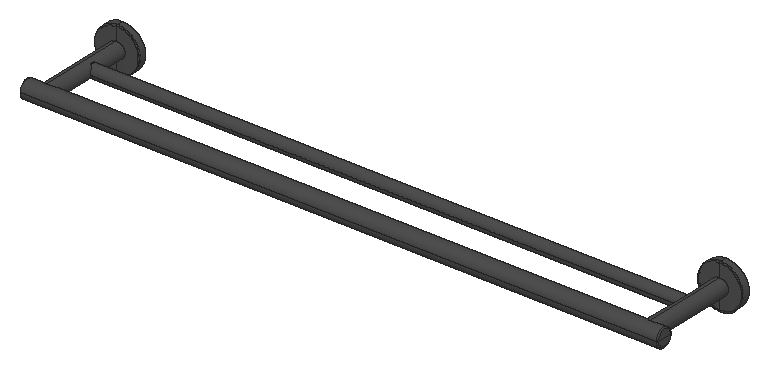
Revit family "Reece_Accessory_Roca_Ona_Double Towel Rail", category Plumbing Fixtures, Revit 2018
Family settings
  Round Connector Dimension = Use Diameter
  Part Type = Normal
  Work Plane-Based = Yes
  Always vertical = Yes
  Cut with Voids When Loaded = Yes
  Shared = Yes
  Room Calculation Point = Yes
Parameters (values of type "744mm_Matte Black")
  URL = "https://www.reece.com.au/product/-15078"
  Type Comments = "Accessory"
  Reece_Rail_Width = Reece_Fixing_Distance + 42.0 mm  # 786.0 mm
  Reece_Product_Web Page = "https://www.reece.com.au/product/-15078"
  Reece_Product_Type = "Accessory"  # constant formula
  Reece_Product_Sub Brand = "Ona"  # constant formula
  Reece_Product_Number = "15078"
  Reece_Product_Mount = "Wall Mounted"  # constant formula
  Reece_Product_Description = "Roca Ona Double Towel Rail 800mm Matte Black"
  Reece_Product_Brand = "Roca"  # constant formula
  Reece_Overall_Width = Reece_Fixing_Distance + 55.0 mm  # 799.0 mm
  Reece_Overall_Projection = 132.5 mm  # constant formula
  Reece_Overall_Height [instance] = 55.0 mm  # constant formula
  Reece_Material_Main = Reece_Brass_Matte Black
  Reece_Height_From_Level [instance] = 1000.0 mm
  Reece_Fixing_Limit [instance] = if(Reece_Height_From_Level < 28.0 mm, 28.0 mm, if(Reece_Height_From_Level > 28.0 mm, Reece_Height_From_Level, Reece_Height_From_Level))  # 1000.0 mm
  Reece_Fixing_Distance = 744.0 mm
  Reece_Detail_Shape = ""
  Reece_Detail_Installation = ""
  Reece_Detail_Disclaimer = "THIS FILE IS THE PROPERTY OF THE REECE GROUP. IT MAY NOT BE REPRODUCED, REVERSE-ENGINEERED, OR MODIFIED. ANY REPUBLICATION, TRANSMISSION, OR DISTRIBUTION FOR THE PURPOSE OF COMMERCIALLY EXPLOITING THE FILES IS PROHIBITED."  # constant formula
  Reece_Detail_Additional = "Double Towel Rail"  # constant formula
  Model = "Ona"
  Manufacturer = "Roca"
  Keynote = "Product #15078, Reece_Accessory_Roca_Ona_Double Towel Rail - 744mm_Matte Black"
  Disclaimer = "THIS FILE IS THE PROPERTY OF THE REECE GROUP. IT MAY NOT BE REPRODUCED, REVERSE-ENGINEERED, OR MODIFIED. ANY REPUBLICATION, TRANSMISSION, OR DISTRIBUTION FOR THE PURPOSE OF COMMERCIALLY EXPLOITING THE FILES IS PROHIBITED."  # constant formula
  Description = "Roca Ona Double Towel Rail 800mm Matte Black"
  Default Elevation = 0.0 mm
Types (6, lengths in mm): name | URL | Reece_Product_Web Page | Reece_Product_Number | Reece_Product_Description | Reece_Material_Main | Keynote | Description
  (no name) | "https://www.reece.com.au/product/-15077" | "https://www.reece.com.au/product/-15077" | "15077" | "Roca Ona Double Towel Rail 800mm Chrome" | Reece_Brass_Chrome | "Product #15077, Reece_Accessory_Roca_Ona_Double Towel Rail -  " | "Roca Ona Double Towel Rail 800mm Chrome"
  744mm_Matte White | "https://www.reece.com.au/product/-15079" | "https://www.reece.com.au/product/-15079" | "15079" | "Roca Ona Double Towel Rail 800mm Matte White" | Reece_Brass_Brushed Matte White | "Product #15079, Reece_Accessory_Roca_Ona_Double Towel Rail - 744mm_Matte White" | "Roca Ona Double Towel Rail 800mm Matte White"
  744mm_Matte Black | "https://www.reece.com.au/product/-15078" | "https://www.reece.com.au/product/-15078" | "15078" | "Roca Ona Double Towel Rail 800mm Matte Black" | Reece_Brass_Matte Black | "Product #15078, Reece_Accessory_Roca_Ona_Double Towel Rail - 744mm_Matte Black" | "Roca Ona Double Towel Rail 800mm Matte Black"
  744mm_Brushed Brass | "https://www.reece.com.au/product/-15081" | "https://www.reece.com.au/product/-15081" | "15081" | "Roca Ona Double Towel Rail 800mm Brushed Brass" | Reece_Brass_Brushed | "Product #15081, Reece_Accessory_Roca_Ona_Double Towel Rail - 744mm_Brushed Brass" | "Roca Ona Double Towel Rail 800mm Brushed Brass"
  744mm_Brushed Nickel | "https://www.reece.com.au/product/-15080" | "https://www.reece.com.au/product/-15080" | "15080" | "Roca Ona Double Towel Rail 800mm Brushed Nickel" | Reece_Brass_Brushed Nickel | "Product #15080, Reece_Accessory_Roca_Ona_Double Towel Rail - 744mm_Brushed Nickel" | "Roca Ona Double Towel Rail 800mm Brushed Nickel"
  744mm_Chrome | "https://www.reece.com.au/product/-15077" | "https://www.reece.com.au/product/-15077" | "15077" | "Roca Ona Double Towel Rail 800mm Chrome" | Reece_Brass_Chrome | "Product #15077, Reece_Accessory_Roca_Ona_Double Towel Rail - 744mm_Chrome" | "Roca Ona Double Towel Rail 800mm Chrome"
Reference planes
  plane 1 "Center (Front/Back)": y = 0
  plane 2: z = -5
  plane 3 "Center (Left/Right)": x = 0
  plane 4 "Ref": z = 1000
  plane 5 "L": x = -372
  plane 6 "R": x = 372
  plane 7: x = -393
  plane 8: x = 393
  plane 9: y = -132.5
  plane 10: x = -27.5
  plane 11: y = -121.5
  plane 12: y = -121.5
  plane 13: z = 1027.5
  plane 14: z = 972.5
  plane 15: x = -399.5
  plane 16: x = 399.5
  plane 17: y = -54.5
Forms (mm)
  Revolve 1, void
    sketch origin (-372, -14.5, 0) x (0, 0, 1) y (0, -1, 0)
      loop
        line (988.971, 7.5) -> (988.971, 4.5) -> (991.15, 4.5)
        arc (991.15, 4.5) -> (990.806, 5.982) -> (990.69, 7.5) r 10.021
        line (990.69, 7.5) -> (988.971, 7.5)
      axis (991.15, 7.5) -> (988.971, 7.5)
    angle from 0 to 360
  Extrusion 2, void
    sketch origin (-46.5, 0, 1000) x (-1, 0, 0) y (0, -1, 0)
      loop
        line (325.5, 23.424) -> (324.267, 22.712) -> (324.267, 21.288) -> (325.5, 20.576) -> (326.733, 21.288) -> (326.733, 22.712) -> (325.5, 23.424)
      loop
        line (325.5, 38.424) -> (324.267, 37.712) -> (324.267, 36.288) -> (325.5, 35.576) -> (326.733, 36.288) -> (326.733, 37.712) -> (325.5, 38.424)
    from -13.157 to 0
  Revolve 3, solid, material "Reece_Brass_Matte Black" <- "Reece_Material_Main"
    sketch origin (-1534.635, -4572, 1000) x (-1, 0, 0) y (0, -1, 0)
      loop
        line (-1141.635, -4450.5) -> (-1927.635, -4450.5) -> (-1927.635, -4460)
        arc (-1927.635, -4460) -> (-1927.362, -4460.901) -> (-1926.635, -4461.5) r 1.625
        line (-1926.635, -4461.5) -> (-1142.635, -4461.5)
        arc (-1142.635, -4461.5) -> (-1141.907, -4460.901) -> (-1141.635, -4460) r 1.625
        line (-1141.635, -4460) -> (-1141.635, -4450.5)
      axis (-1141.635, -4450.5) -> (-1927.635, -4450.5)
    angle from 0 to 360
  Revolve 4, solid, material "Reece_Brass_Matte Black" <- "Reece_Material_Main"
    sketch origin (-372, 0, 0) x (0, 0, 1) y (0, -1, 0)
      loop
        line (1000, 0) -> (1000, 123) -> (990, 123) -> (990, 9.5) -> (973.286, 9.213)
        arc (973.286, 9.213) -> (972.729, 8.974) -> (972.5, 8.414) r 0.8
        line (972.5, 8.414) -> (972.5, 0) -> (1000, 0)
      axis (1000, 0) -> (1000, 123)
    angle from 0 to 360
  Revolve 5, solid, material "Reece_Brass_Matte Black" <- "Reece_Material_Main"
    sketch origin (372, -4572, 1034.431) x (0, 0, 1) y (0, -1, 0)
      loop
        line (-34.431, -4572) -> (-34.431, -4449) -> (-44.431, -4449) -> (-44.431, -4562.5) -> (-61.144, -4562.787)
        arc (-61.144, -4562.787) -> (-61.701, -4563.026) -> (-61.931, -4563.586) r 0.8
        line (-61.931, -4563.586) -> (-61.931, -4572) -> (-34.431, -4572)
      axis (-34.431, -4572) -> (-34.431, -4449)
    angle from 0 to 360
  Extrusion 6, void
    sketch origin (46.5, 0, 1000) x (1, 0, 0) y (0, 1, 0)
      loop
        line (325.5, -23.424) -> (326.733, -22.712) -> (326.733, -21.288) -> (325.5, -20.576) -> (324.267, -21.288) -> (324.267, -22.712) -> (325.5, -23.424)
      loop
        line (325.5, -38.424) -> (326.733, -37.712) -> (326.733, -36.288) -> (325.5, -35.576) -> (324.267, -36.288) -> (324.267, -37.712) -> (325.5, -38.424)
    from -13.157 to 0
  Revolve 7, void
    sketch origin (372, 0, 0) x (0, 0, 1) y (0, -1, 0)
      loop
        line (988.971, 22) -> (988.971, 19) -> (991.15, 19)
        arc (991.15, 19) -> (990.806, 20.482) -> (990.69, 22) r 10.021
        line (990.69, 22) -> (988.971, 22)
      axis (991.15, 22) -> (988.971, 22)
    angle from 0 to 360
  Revolve 8, void
    sketch origin (-372, -29.5, 0) x (0, 0, 1) y (0, -1, 0)
      loop
        line (988.971, 7.5) -> (988.971, 4.5) -> (991.15, 4.5)
        arc (991.15, 4.5) -> (990.806, 5.982) -> (990.69, 7.5) r 10.021
        line (990.69, 7.5) -> (988.971, 7.5)
      axis (991.15, 7.5) -> (988.971, 7.5)
    angle from 0 to 360
  Revolve 9, void
    sketch origin (372, -15, 0) x (0, 0, 1) y (0, -1, 0)
      loop
        line (988.971, 22) -> (988.971, 19) -> (991.15, 19)
        arc (991.15, 19) -> (990.806, 20.482) -> (990.69, 22) r 10.021
        line (990.69, 22) -> (988.971, 22)
      axis (991.15, 22) -> (988.971, 22)
    angle from 0 to 360
  Revolve 10, solid, material "Reece_Brass_Matte Black" <- "Reece_Material_Main"
    sketch origin (0, 0, 1000) x (-1, 0, 0) y (0, -1, 0)
      loop
        line (372, 54.5) -> (-372, 54.5) -> (-372, 46.5) -> (372, 46.5) -> (372, 54.5)
      axis (372, 54.5) -> (-372, 54.5)
    angle from 0 to 360
Cuts and joins
  Extrusion 6, Revolve 7, Revolve 8, Revolve 9 cuts Revolve 3
  Revolve 1, Extrusion 2, Extrusion 6, Revolve 7, Revolve 8, Revolve 9 cuts Revolve 4
  Extrusion 6, Revolve 7, Revolve 8, Revolve 9 cuts Revolve 5
  joined: Revolve 3, Revolve 4, Revolve 5, Revolve 10
Lines and regions (mm)
  model lines, style "InvisibleLines"
    curve 1: line (0, 0, -5) -> (0, 0, 1000)
Text (mm)
  text "Reece Copyright © 2018, Reece Ltd." at (-461.788, -247.629, 0), in view "Ref. Level"
  text "Reece ©" at (-193.423, 516.328, 624.09), in view "Reece Preview"
Dimensions and locks
  plane 4 "Ref" to Revolve 1 sketch curve to Revolve 1 sketch curve to Revolve 1 sketch curve = 8.85 mm locked, 0.46 mm locked, 1.72 mm locked
  "Reece_Overall_Projection": plane 9 to plane 1 "Center (Front/Back)"
  locked: plane 12 to plane 9 at 11
  equal spacing: plane 5 "L", plane 3 "Center (Left/Right)", plane 6 "R"
  "Reece_Fixing_Distance": plane 5 "L" to plane 6 "R"
  equal spacing: plane 7, plane 3 "Center (Left/Right)", plane 8
  "Reece_Rail_Width": plane 7 to plane 8
  locked: plane 7 to Revolve 3 sketch curve at 1
  locked: Revolve 3 sketch curve to plane 8 at 1
  "Reece_Fixing_Limit": plane 4 "Ref" to level
  plane 4 "Ref" to Revolve 4 sketch curve to Revolve 4 sketch curve to Revolve 4 sketch curve = 10.0 mm locked, 16.714 mm locked, 0.786 mm locked
  plane 4 "Ref" to Revolve 5 sketch curve to Revolve 5 sketch curve to Revolve 5 sketch curve = 10.0 mm locked, 16.714 mm locked, 0.786 mm locked
  Revolve 7 sketch curve to Revolve 7 sketch curve to Revolve 7 sketch curve = 0.46 mm locked, 1.72 mm locked
  equal spacing: plane 14, plane 4 "Ref", plane 13
  "Reece_Overall_Height": plane 14 to plane 13
  equal spacing: plane 15, plane 3 "Center (Left/Right)", plane 16
  "Reece_Overall_Width": plane 15 to plane 16
  locked: Revolve 3 sketch curve to plane 11 at 11
  locked: plane 17 to plane 1 "Center (Front/Back)" at 54.5
  Revolve 8 sketch curve to Revolve 8 sketch curve to Revolve 8 sketch curve = 0.46 mm locked, 1.72 mm locked
  Revolve 9 sketch curve to Revolve 9 sketch curve to Revolve 9 sketch curve = 0.46 mm locked, 1.72 mm locked
  aligned and locked: Revolve 3 sketch curve to plane 11  (x2)
  aligned and locked: Revolve 3 sketch curve to plane 7
  aligned and locked: Revolve 3 sketch curve to plane 8
  aligned and locked: Revolve 4 sketch curve to plane 4 "Ref"
  aligned and locked: plane 4 "Ref" to Revolve 5 sketch curve
  aligned and locked: Revolve 10 sketch curve to plane 17
  aligned and locked: Revolve 10 sketch curve to plane 6 "R"
  aligned and locked: Revolve 10 sketch curve to plane 5 "L"
Automatic sketch dimensions
  curve 1 to plane 3 "Center (Left/Right)" = 0.0 mm
  curve 1 to plane 2 = 0.0 mm
  curve 1 to plane 4 "Ref" = 0.0 mm
  plane 4 "Ref" to Revolve 1 sketch curve = 0.711 mm
  plane 1 "Center (Front/Back)" to Revolve 1 sketch curve = 19.0 mm
  plane 1 "Center (Front/Back)" to Revolve 1 sketch curve = 22.0 mm
  Revolve 1 sketch curve to plane 13 = 545.044 mm
  Revolve 1 sketch curve to Revolve 1 sketch curve = 50.0 mm
  Extrusion 2 sketch curve to plane 5 "L" = 0.0 mm  (x4)
  plane 5 "L" to Extrusion 2 sketch curve = 1.233 mm  (x2)
  Extrusion 2 sketch curve to plane 5 "L" = 1.233 mm  (x2)
  plane 1 "Center (Front/Back)" to Extrusion 2 sketch curve = 20.576 mm
  Extrusion 2 sketch curve to Extrusion 2 sketch curve = 0.712 mm  (x6)
  Extrusion 2 sketch curve to Extrusion 2 sketch curve = 1.424 mm  (x4)
  Extrusion 2 sketch curve to Extrusion 2 sketch curve = 12.152 mm
  Revolve 3 sketch curve to Revolve 3 sketch curve = 1.625 mm
  plane 7 to Revolve 3 sketch curve = 1.625 mm
  plane 6 "R" to Revolve 3 sketch curve = 14.402 mm
  Revolve 3 sketch curve to plane 15 = 91.402 mm
  Revolve 4 sketch curve to plane 1 "Center (Front/Back)" = 0.0 mm
  Revolve 4 sketch curve to plane 4 "Ref" = 0.0 mm
  plane 14 to Revolve 4 sketch curve = 0.8 mm
  plane 1 "Center (Front/Back)" to Revolve 4 sketch curve = 8.414 mm
  plane 1 "Center (Front/Back)" to Revolve 4 sketch curve = 9.5 mm
  Revolve 4 sketch curve to plane 12 = 1.5 mm
  Revolve 4 sketch curve to Revolve 4 sketch curve = 11.642 mm
  Revolve 4 sketch curve to Revolve 4 sketch curve = 0.0 mm
  Revolve 5 sketch curve to plane 1 "Center (Front/Back)" = 0.0 mm
  Revolve 5 sketch curve to plane 4 "Ref" = 0.0 mm
  Revolve 5 sketch curve to plane 14 = 0.8 mm
  Revolve 5 sketch curve to plane 1 "Center (Front/Back)" = 8.414 mm
  Revolve 5 sketch curve to plane 1 "Center (Front/Back)" = 9.5 mm
  plane 12 to Revolve 5 sketch curve = 1.5 mm
  Revolve 5 sketch curve to Revolve 5 sketch curve = 11.642 mm
  Revolve 5 sketch curve to Revolve 5 sketch curve = 0.0 mm
  Extrusion 6 sketch curve to plane 6 "R" = 0.0 mm  (x4)
  Extrusion 6 sketch curve to plane 6 "R" = 1.233 mm  (x2)
  plane 6 "R" to Extrusion 6 sketch curve = 1.233 mm  (x2)
  Extrusion 6 sketch curve to plane 1 "Center (Front/Back)" = 20.576 mm
  Extrusion 6 sketch curve to Extrusion 6 sketch curve = 0.712 mm  (x6)
  Extrusion 6 sketch curve to Extrusion 6 sketch curve = 1.424 mm  (x4)
  Extrusion 6 sketch curve to Extrusion 6 sketch curve = 12.152 mm
  plane 4 "Ref" to Revolve 7 sketch curve = 11.029 mm
  Revolve 7 sketch curve to plane 4 "Ref" = 0.711 mm
  Revolve 7 sketch curve to plane 1 "Center (Front/Back)" = 19.0 mm
  Revolve 7 sketch curve to plane 1 "Center (Front/Back)" = 22.0 mm
  plane 13 to Revolve 7 sketch curve = 545.044 mm
  Revolve 7 sketch curve to Revolve 7 sketch curve = 50.0 mm
  Revolve 8 sketch curve to plane 4 "Ref" = 11.029 mm
  plane 4 "Ref" to Revolve 8 sketch curve = 0.711 mm
  plane 17 to Revolve 8 sketch curve = 20.5 mm
  plane 17 to Revolve 8 sketch curve = 17.5 mm
  Revolve 8 sketch curve to plane 13 = 545.044 mm
  Revolve 8 sketch curve to Revolve 8 sketch curve = 50.0 mm
  plane 4 "Ref" to Revolve 9 sketch curve = 11.029 mm
  Revolve 9 sketch curve to plane 4 "Ref" = 0.711 mm
  Revolve 9 sketch curve to plane 17 = 20.5 mm
  Revolve 9 sketch curve to plane 17 = 17.5 mm
  plane 13 to Revolve 9 sketch curve = 545.044 mm
  Revolve 9 sketch curve to Revolve 9 sketch curve = 50.0 mm
  Revolve 10 sketch curve to plane 17 = 0.0 mm
  Revolve 10 sketch curve to Revolve 10 sketch curve = 8.0 mm
  Revolve 10 sketch curve to plane 16 = 103.635 mm
  Revolve 10 sketch curve to plane 15 = 89.607 mm
